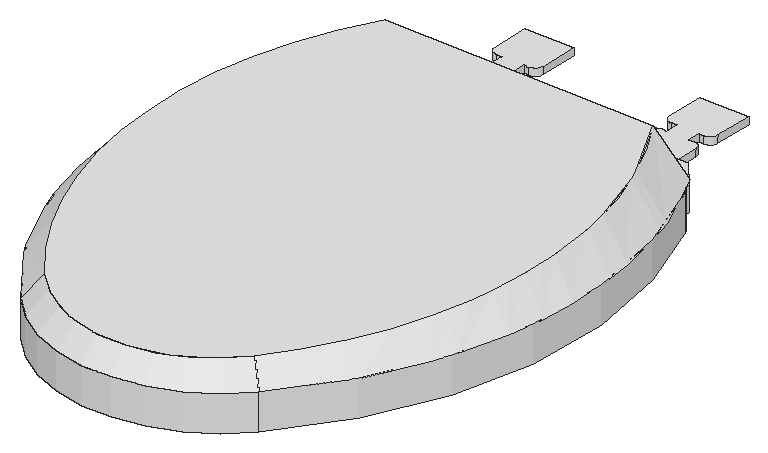
Revit family "Toilet_Seat-Round-American_Standard-Cardiff-5257A65MT_Series", category Specialty Equipment, Revit 2018
Family settings
  Round Connector Dimension = Use Diameter
  Part Type = Normal
  OmniClass Number = 23.45.05.21.14.11
  OmniClass Title = Water Closet Seats
  Work Plane-Based = Yes
  Always vertical = No
  Cut with Voids When Loaded = No
  Shared = Yes
  Room Calculation Point = No
Parameters (values of type "5257A65MT.020")
  Width = 13 7/8"  # constant formula
  URL = "http://www.americanstandard-us.com/"
  Product Page URL = "https://www.americanstandard-us.com/Elongated-Toilet-Seats/Cardiff-Slow-Close-Elongated-Toilet-Seat/WHITE-5257A65MT020"
  Product Documentation Link = "https://americanstandard.box.com/shared/static/r6ub7yqco80faaz9pf3tsbew9xcuo5ui.pdf"
  Model = "5257A65MT.020"
  Material = "Plastic-American Standard-020-White"
  Manufacturer = "American Standard"
  Length = 17 3/8"  # constant formula
  Installation Type = "Surface Mounted"
  Height = 2 1/4"  # constant formula
  Finish = Plastic-American Standard-020-White
  Description = "Cardiff™ Slow-Close Elongated Toilet Seat"
  Default Elevation = 0"
  Creation Date = "08/04/2022"  # constant formula
  Assembly Code = "C1030200"
  760227-100.0070A Top Mounting Kit = no
  760219-100.0070A Bottom Mounting Kit = no
Types (3): name | Product Page URL | Model | Material | Finish
  5257A65MT.020 | "https://www.americanstandard-us.com/Elongated-Toilet-Seats/Cardiff-Slow-Close-Elongated-Toilet-Seat/WHITE-5257A65MT020" | "5257A65MT.020" | "Plastic-American Standard-020-White" | Plastic-American Standard-020-White
  5257A65MT.021 | "https://www.americanstandard-us.com/Elongated-Toilet-Seats/Cardiff-Slow-Close-Elongated-Toilet-Seat/BONE-5257A65MT021" | "5257A65MT.021" | "Plastic-American Standard-021-Bone" | Plastic-American Standard-021-Bone
  5257A65MT.222 | "https://www.americanstandard-us.com/Elongated-Toilet-Seats/Cardiff-Slow-Close-Elongated-Toilet-Seat/LINEN-5257A65MT222" | "5257A65MT.222" | "Plastic-American Standard-222-Linen" | Plastic-American Standard-222-Linen
Reference planes (in)
  plane 1 "Center (Front/Back)": y = 0
  plane 2: z = 0
  plane 3 "Center (Left/Right)": x = 0
  plane 4: z = 2.25
  plane 5: y = -17.375
  plane 6: x = -2.75
  plane 7: x = 2.75
  plane 8: x = -6.9375
  plane 9: x = 6.9375
  plane 10: z = 1.125
Forms (in)
  Extrusion 1, solid, material "Plastic-American Standard-020-White" <- "Finish"
    sketch origin (0, 0, 0) x (1, 0, 0) y (0, 1, 0)
      loop
        arc (-5.65798, -1.33148) -> (-6.89199, -8.8139) -> (-3.75255, -15.71704) r 13.03583
        arc (-3.75255, -15.71704) -> (0, -17.41275) -> (3.75255, -15.71704) r 5
        arc (3.75255, -15.71704) -> (6.89197, -8.81403) -> (5.65809, -1.33171) r 13.03583
        arc (5.65809, -1.33171) -> (5.30946, -0.9473) -> (4.81044, -0.80485) r 0.94531
        line (4.81044, -0.80485) -> (-4.81068, -0.80485)
        arc (-4.81068, -0.80485) -> (-5.30949, -0.94724) -> (-5.65798, -1.33148) r 0.94494
      loop
        arc (-4.0692, -6.11234) -> (-3.71577, -9.64149) -> (-2.24629, -12.86956) r 10.88279
        arc (-2.24629, -12.86956) -> (-1.40428, -14.0385) -> (0, -14.36004) r 2.04076
        arc (0, -14.36004) -> (1.40428, -14.0385) -> (2.24629, -12.86956) r 2.04076
        arc (2.24629, -12.86956) -> (3.71577, -9.64149) -> (4.0692, -6.11234) r 10.88279
        arc (4.0692, -6.11234) -> (2.68576, -3.62908) -> (0, -2.69787) r 3.98827
        arc (0, -2.69787) -> (-2.68576, -3.62908) -> (-4.0692, -6.11234) r 3.98827
    from 0 to 1.125
  Extrusion 2, solid, material "Plastic-American Standard-020-White" <- "Finish"
    sketch origin (0, 0, 0) x (1, 0, 0) y (0, 1, 0)
      loop
        line (-1.9862, 3.82357) -> (-3.5138, 3.82357) -> (-3.5138, 2.64382)
        arc (-3.5138, 2.64382) -> (-3.44057, 2.46704) -> (-3.2638, 2.39382) r 0.25
        line (-3.2638, 2.39382) -> (-3.09518, 2.39382) -> (-3.09518, 2.0019) -> (-3.2638, 2.0019)
        arc (-3.2638, 2.0019) -> (-3.44057, 1.92868) -> (-3.5138, 1.7519) r 0.25
        line (-3.5138, 1.7519) -> (-3.5138, -0.06781)
        arc (-3.5138, -0.06781) -> (-3.01088, -0.78567) -> (-2.16441, -0.55819) r 0.7638
        line (-2.16441, -0.55819) -> (2.16441, -0.55819)
        arc (2.16441, -0.55819) -> (3.01088, -0.78567) -> (3.5138, -0.06781) r 0.7638
        line (3.5138, -0.06781) -> (3.5138, 1.7519)
        arc (3.5138, 1.7519) -> (3.44057, 1.92868) -> (3.2638, 2.0019) r 0.25
        line (3.2638, 2.0019) -> (3.09518, 2.0019) -> (3.09518, 2.39382) -> (3.2638, 2.39382)
        arc (3.2638, 2.39382) -> (3.44057, 2.46704) -> (3.5138, 2.64382) r 0.25
        line (3.5138, 2.64382) -> (3.5138, 3.82357) -> (1.9862, 3.82357) -> (1.9862, 2.64382)
        arc (1.9862, 2.64382) -> (2.05943, 2.46704) -> (2.2362, 2.39382) r 0.25
        line (2.2362, 2.39382) -> (2.40482, 2.39382) -> (2.40482, 2.0019) -> (2.2362, 2.0019)
        arc (2.2362, 2.0019) -> (2.05943, 1.92868) -> (1.9862, 1.7519) r 0.25
        line (1.9862, 1.7519) -> (1.9862, 0.82612)
        arc (1.9862, 0.82612) -> (1.89124, 0.59686) -> (1.66199, 0.5019) r 0.32422
        line (1.66199, 0.5019) -> (-1.66333, 0.5019)
        arc (-1.66333, 0.5019) -> (-1.89164, 0.59647) -> (-1.9862, 0.82478) r 0.32288
        line (-1.9862, 0.82478) -> (-1.9862, 1.7519)
        arc (-1.9862, 1.7519) -> (-2.05943, 1.92868) -> (-2.2362, 2.0019) r 0.25
        line (-2.2362, 2.0019) -> (-2.40482, 2.0019) -> (-2.40482, 2.39382) -> (-2.2362, 2.39382)
        arc (-2.2362, 2.39382) -> (-2.05943, 2.46704) -> (-1.9862, 2.64382) r 0.25
        line (-1.9862, 2.64382) -> (-1.9862, 3.82357)
    from 0 to 0.21613
  Extrusion 3, solid, material "Plastic-American Standard-020-White" <- "Finish"
    sketch origin (0, 0, 0) x (1, 0, 0) y (0, 1, 0)
      loop
        line (-5.13557, -0.86246) -> (-2.75, -0.86246) -> (-2.75, 0.33517) -> (-4.40762, 0.33517) -> (-5.13557, -0.53236) -> (-5.13557, -0.86246)
      loop
        line (5.13557, -0.86246) -> (5.13557, -0.53236) -> (4.40762, 0.33517) -> (2.75, 0.33517) -> (2.75, -0.86246) -> (5.13557, -0.86246)
    from 0 to 0.75642
  Blend 4, solid, material "Plastic-American Standard-020-White" <- "Finish"
    base sketch origin (0, 0, 0) x (1, 0, 0) y (0, 1, 0)
      loop
        line (5.38289, -0.80485) -> (-5.38289, -0.80485)
        arc (-5.38289, -0.80485) -> (-6.92764, -8.51895) -> (-3.75255, -15.71704) r 13.03583
        arc (-3.75255, -15.71704) -> (0, -17.41275) -> (3.75255, -15.71704) r 5
        arc (3.75255, -15.71704) -> (6.92764, -8.51895) -> (5.38289, -0.80485) r 13.03583
    top sketch origin (0, 0, 0) x (1, 0, 0) y (0, 1, 0)
      loop
        line (4.22595, -0.80485) -> (-4.22595, -0.80485)
        arc (-4.22595, -0.80485) -> (-5.96072, -8.13205) -> (-3.00204, -15.05618) r 12.03583
        arc (-3.00204, -15.05618) -> (0, -16.41275) -> (3.00204, -15.05618) r 4
        arc (3.00204, -15.05618) -> (5.96072, -8.13205) -> (4.22595, -0.80485) r 12.03583
    from 1.125 to 2.25
  Extrusion 5, void
    sketch origin (0, 0, 0) x (0, 1, 0) y (0, 0, 1)
      loop
        line (-0.80485, 2.25) -> (-17.375, 2.25) -> (-17.375, 1.75) -> (-0.80485, 2.25)
    from -12.70408 to 12
Cuts and joins
  Extrusion 5 cuts Blend 4
Lines and regions (in)
  Masking region 1
    outline origin (0, 0, 0) x (1, 0, 0) y (0, 1, 0)
      loop
        arc (3.75255, -15.71704) -> (6.92764, -8.51895) -> (5.38289, -0.80485) r 13.03583
        line (5.38289, -0.80485) -> (5.13557, -0.80485) -> (5.13557, -0.53236) -> (4.40762, 0.33517) -> (3.5138, 0.33517) -> (3.5138, 1.7519)
        arc (3.5138, 1.7519) -> (3.44057, 1.92868) -> (3.2638, 2.0019) r 0.25
        line (3.2638, 2.0019) -> (3.09518, 2.0019) -> (3.09518, 2.39382) -> (3.2638, 2.39382)
        arc (3.2638, 2.39382) -> (3.44057, 2.46704) -> (3.5138, 2.64382) r 0.25
        line (3.5138, 2.64382) -> (3.5138, 3.82357) -> (1.9862, 3.82357) -> (1.9862, 2.64382)
        arc (1.9862, 2.64382) -> (2.05943, 2.46704) -> (2.2362, 2.39382) r 0.25
        line (2.2362, 2.39382) -> (2.40482, 2.39382) -> (2.40482, 2.0019) -> (2.2362, 2.0019)
        arc (2.2362, 2.0019) -> (2.05943, 1.92868) -> (1.9862, 1.7519) r 0.25
        line (1.9862, 1.7519) -> (1.9862, 0.82612)
        arc (1.9862, 0.82612) -> (1.89124, 0.59686) -> (1.66199, 0.5019) r 0.32422
        line (1.66199, 0.5019) -> (-1.66333, 0.5019)
        arc (-1.66333, 0.5019) -> (-1.89164, 0.59647) -> (-1.9862, 0.82478) r 0.32288
        line (-1.9862, 0.82478) -> (-1.9862, 1.7519)
        arc (-1.9862, 1.7519) -> (-2.05943, 1.92868) -> (-2.2362, 2.0019) r 0.25
        line (-2.2362, 2.0019) -> (-2.40482, 2.0019) -> (-2.40482, 2.39382) -> (-2.2362, 2.39382)
        arc (-2.2362, 2.39382) -> (-2.05943, 2.46704) -> (-1.9862, 2.64382) r 0.25
        line (-1.9862, 2.64382) -> (-1.9862, 3.82357) -> (-3.5138, 3.82357) -> (-3.5138, 2.64382)
        arc (-3.5138, 2.64382) -> (-3.44057, 2.46704) -> (-3.2638, 2.39382) r 0.25
        line (-3.2638, 2.39382) -> (-3.09518, 2.39382) -> (-3.09518, 2.0019) -> (-3.2638, 2.0019)
        arc (-3.2638, 2.0019) -> (-3.44057, 1.92868) -> (-3.5138, 1.7519) r 0.25
        line (-3.5138, 1.7519) -> (-3.5138, 0.33517) -> (-4.40762, 0.33517) -> (-5.13557, -0.53236) -> (-5.13557, -0.80485) -> (-5.38289, -0.80485)
        arc (-5.38289, -0.80485) -> (-6.92764, -8.51895) -> (-3.75255, -15.71704) r 13.03583
        arc (-3.75255, -15.71704) -> (0, -17.41275) -> (3.75255, -15.71704) r 5
  symbolic lines, detail levels medium+fine
    curve 1: spline (-3.29455, -15.31305, 0) -> (-4.07749, -14.27896, 0) -> (-4.74643, -13.16779, 0) -> (-5.29382, -11.99203, 0) -> (-5.71352, -10.76493, 0) -> (-6.00079, -9.50028, 0) -> (-6.1524, -8.21234, 0) -> (-6.16666, -6.91558, 0) -> (-6.04339, -5.62462, 0) -> (-5.78398, -4.35397, 0) -> (-5.39136, -3.11794, 0) -> (-4.86994, -1.93045, 0) -> (-4.22559, -0.80485, 0)
    curve 2: spline (3.29449, -15.3131, 0) -> (2.85828, -15.7597, 0) -> (2.36209, -16.13862, 0) -> (1.81634, -16.4419, 0) -> (1.23247, -16.6632, 0) -> (0.62275, -16.79786, 0) -> (-0.00004, -16.84306, 0) -> (-0.62283, -16.79785, 0) -> (-1.23256, -16.66318, 0) -> (-1.81642, -16.44188, 0) -> (-2.36216, -16.13858, 0) -> (-2.85835, -15.75965, 0) -> (-3.29455, -15.31305, 0)
    curve 3: spline (4.22562, -0.80485, 0) -> (4.86997, -1.93045, 0) -> (5.39139, -3.11796, 0) -> (5.78401, -4.35399, 0) -> (6.04341, -5.62464, 0) -> (6.16667, -6.91562, 0) -> (6.15241, -8.21238, 0) -> (6.00079, -9.50033, 0) -> (5.71351, -10.76498, 0) -> (5.2938, -11.99209, 0) -> (4.74639, -13.16785, 0) -> (4.07745, -14.27902, 0) -> (3.29449, -15.3131, 0)
    curve 4: line (5.13557, -0.80485, 0) -> (-5.13557, -0.80485, 0)
    curve 6: line (-2.75, 0.33517, 0) -> (-4.40762, 0.33517, 0)
    curve 7: line (2.75, 0.33517, 0) -> (2.75, -0.80485, 0)
    curve 8: line (-2.75, -0.80485, 0) -> (-2.75, 0.33517, 0)
    curve 9: line (4.40762, 0.33517, 0) -> (2.75, 0.33517, 0)
  symbolic lines, detail levels fine
    curve 5: line (-2.16441, -0.55819, 0) -> (2.16441, -0.55819, 0)
    curve 10: arc (-2.54961, -0.80485, 0) -> (-2.33812, -0.71103, 0) -> (-2.16441, -0.55819, 0) r 0.7638
    curve 11: arc (2.16441, -0.55819, 0) -> (2.33812, -0.71103, 0) -> (2.54961, -0.80485, 0) r 0.7638
Dimensions and locks (in)
  "Height": plane 2 to plane 4
  plane 6 to plane 7 = 5 1/2"
  "Width": plane 8 to plane 9
  "Length": plane 1 "Center (Front/Back)" to plane 5
  "Height": plane 4 to level
  aligned and locked: Blend 4 to plane 10
  aligned and locked: Extrusion 1 to Blend 4
Automatic sketch dimensions
  Extrusion 1 sketch curve to plane 3 "Center (Left/Right)" = 0"  (x3)
  Extrusion 1 sketch curve to plane 3 "Center (Left/Right)" = 0.12215"
  Extrusion 1 sketch curve to plane 3 "Center (Left/Right)" = 0.27596"
  plane 1 "Center (Front/Back)" to Extrusion 1 sketch curve = 0.80485"
  Extrusion 1 sketch curve to plane 6 = 2.06068"
  plane 8 to Extrusion 1 sketch curve = 0.90653"
  plane 8 to Extrusion 1 sketch curve = 0.14611"
  plane 3 "Center (Left/Right)" to Extrusion 1 sketch curve = 0.12215"
  plane 3 "Center (Left/Right)" to Extrusion 1 sketch curve = 0.27596"
  Extrusion 1 sketch curve to plane 7 = 2.06044"
  plane 9 to Extrusion 1 sketch curve = 0.90653"
  plane 9 to Extrusion 1 sketch curve = 0.14611"
  Extrusion 1 sketch curve to Extrusion 1 sketch curve = 0.94494"
  Extrusion 1 sketch curve to Extrusion 1 sketch curve = 121/128"
  plane 1 "Center (Front/Back)" to Extrusion 1 sketch curve = 6.68427"
  Extrusion 1 sketch curve to Extrusion 1 sketch curve = 0"  (x4)
  Extrusion 1 sketch curve to Extrusion 1 sketch curve = 5.05678"
  Extrusion 1 sketch curve to Extrusion 1 sketch curve = 5.05716"
  Extrusion 1 sketch curve to Extrusion 1 sketch curve = 0.29526"  (x2)
  plane 5 to Extrusion 1 sketch curve = 5.03698"
  Extrusion 1 sketch curve to Extrusion 1 sketch curve = 0.07472"
  plane 6 to Extrusion 1 sketch curve = 0.50371"
  Extrusion 1 sketch curve to plane 6 = 1.00255"
  Extrusion 1 sketch curve to plane 6 = 1.3192"
  Extrusion 1 sketch curve to Extrusion 1 sketch curve = 1.97033"
  plane 1 "Center (Front/Back)" to Extrusion 1 sketch curve = 2.69787"
  Extrusion 2 sketch curve to plane 6 = 0"
  Extrusion 2 sketch curve to plane 7 = 0"
  Extrusion 2 sketch curve to plane 6 = 0.34518"
  Extrusion 2 sketch curve to Extrusion 2 sketch curve = 0.16861"  (x7)
  plane 1 "Center (Front/Back)" to Extrusion 2 sketch curve = 0.06781"  (x2)
  Extrusion 2 sketch curve to Extrusion 2 sketch curve = 0.7638"
  Extrusion 2 sketch curve to Extrusion 2 sketch curve = 1/4"  (x6)
  plane 6 to Extrusion 2 sketch curve = 0.34518"
  plane 1 "Center (Front/Back)" to Extrusion 2 sketch curve = 0.55819"
  plane 6 to Extrusion 2 sketch curve = 0.7638"
  Extrusion 2 sketch curve to Extrusion 2 sketch curve = 0.32288"
  Extrusion 2 sketch curve to plane 1 "Center (Front/Back)" = 0.5019"
  plane 7 to Extrusion 2 sketch curve = 1.08801"
  plane 7 to Extrusion 2 sketch curve = 0.7638"  (x2)
  plane 7 to Extrusion 2 sketch curve = 0.58559"
  Extrusion 2 sketch curve to plane 7 = 0.34518"
  Extrusion 2 sketch curve to plane 1 "Center (Front/Back)" = 1.7519"
  Extrusion 2 sketch curve to Extrusion 2 sketch curve = 0.92712"
  Extrusion 2 sketch curve to Extrusion 2 sketch curve = 237/256"
  Extrusion 2 sketch curve to Extrusion 2 sketch curve = 0.39191"  (x4)
  Extrusion 2 sketch curve to Extrusion 2 sketch curve = 1.17976"  (x2)
  Extrusion 3 sketch curve to plane 6 = 0"
  Extrusion 3 sketch curve to plane 7 = 0"
  Extrusion 3 sketch curve to plane 1 "Center (Front/Back)" = 0.33517"  (x2)
  Extrusion 3 sketch curve to plane 6 = 1.65762"
  Extrusion 3 sketch curve to Extrusion 3 sketch curve = 0.72795"  (x2)
  Extrusion 3 sketch curve to Extrusion 3 sketch curve = 1.65762"
  plane 1 "Center (Front/Back)" to Extrusion 3 sketch curve = 0.53236"  (x2)
  plane 1 "Center (Front/Back)" to Extrusion 3 sketch curve = 0.86246"
  Extrusion 3 sketch curve to Extrusion 3 sketch curve = 0.3301"
  Blend 4 sketch curve to plane 3 "Center (Left/Right)" = 0"  (x2)
  plane 9 to Blend 4 sketch curve = 0.90653"  (x2)
  plane 5 to Blend 4 sketch curve = 4.96225"
  Blend 4 sketch curve to plane 6 = 1.00255"
  Blend 4 sketch curve to Blend 4 sketch curve = 0"  (x4)
  plane 1 "Center (Front/Back)" to Blend 4 sketch curve = 0.80485"  (x2)
  Blend 4 sketch curve to plane 6 = 2.63289"
  Blend 4 sketch curve to plane 7 = 1.00255"
  plane 8 to Blend 4 sketch curve = 0.90653"  (x2)
  Blend 4 sketch curve to plane 7 = 1.47595"
  Blend 4 sketch curve to plane 6 = 0.25204"
  Blend 4 sketch curve to Blend 4 sketch curve = 5.31055"
  Blend 4 sketch curve to plane 3 "Center (Left/Right)" = 4.22595"
  Extrusion 5 sketch curve to plane 5 = 0"
  plane 4 to Extrusion 5 sketch curve = 0"
  plane 1 "Center (Front/Back)" to Extrusion 5 sketch curve = 0.80485"
  plane 4 to Extrusion 5 sketch curve = 1/2"
  Masking region 1 sketch curve to plane 3 "Center (Left/Right)" = 0"
  plane 1 "Center (Front/Back)" to Masking region 1 sketch curve = 0.80485"
  plane 8 to Masking region 1 sketch curve = 0.90653"
  Masking region 1 sketch curve to plane 7 = 2.63289"
  plane 9 to Masking region 1 sketch curve = 0.90653"
  plane 5 to Masking region 1 sketch curve = 4.96225"
  Masking region 1 sketch curve to plane 6 = 1.00255"
  Masking region 1 sketch curve to Masking region 1 sketch curve = 0"  (x4)
  Masking region 1 sketch curve to Masking region 1 sketch curve = 0.27249"
  Masking region 1 sketch curve to Masking region 1 sketch curve = 0.72795"
  Masking region 1 sketch curve to plane 7 = 0.5138"
  Masking region 1 sketch curve to Masking region 1 sketch curve = 1/4"  (x9)
  Masking region 1 sketch curve to Masking region 1 sketch curve = 1.41673"
  Masking region 1 sketch curve to plane 1 "Center (Front/Back)" = 0.33517"  (x2)
  Masking region 1 sketch curve to Masking region 1 sketch curve = 0.16861"  (x8)
  Masking region 1 sketch curve to Masking region 1 sketch curve = 0.39191"  (x4)
  Masking region 1 sketch curve to Masking region 1 sketch curve = 1.17976"  (x2)
  plane 7 to Masking region 1 sketch curve = 0.7638"
  Masking region 1 sketch curve to plane 1 "Center (Front/Back)" = 0.82612"
  Masking region 1 sketch curve to Masking region 1 sketch curve = 83/256"
  plane 6 to Masking region 1 sketch curve = 1.08667"
  Masking region 1 sketch curve to Masking region 1 sketch curve = 0.32288"
  Masking region 1 sketch curve to Masking region 1 sketch curve = 0.92712"
  Masking region 1 sketch curve to plane 6 = 0.34518"
  Masking region 1 sketch curve to Masking region 1 sketch curve = 0.89382"  (x2)
  plane 1 "Center (Front/Back)" to Masking region 1 sketch curve = 0.53236"
  Masking region 1 sketch curve to Masking region 1 sketch curve = 0.24732"
  Masking region 1 sketch curve to Masking region 1 sketch curve = 6.29735"
  curve 8 to plane 6 = 0"
  curve 10 to plane 6 = 0"
  curve 7 to plane 7 = 0"
  curve 11 to plane 7 = 0"
  plane 6 to curve 5 = 0.58559"
  plane 7 to curve 5 = 0.58559"
  plane 1 "Center (Front/Back)" to curve 5 = 0.55819"
  plane 1 "Center (Front/Back)" to curve 11 = 0.06781"
  plane 1 "Center (Front/Back)" to curve 10 = 0.06781"
  curve 8 to plane 1 "Center (Front/Back)" = 0.33517"
  curve 7 to plane 1 "Center (Front/Back)" = 0.33517"
  curve 2 to plane 6 = 0.54455"
  curve 1 to plane 6 = 1.47559"
  curve 2 to plane 6 = 1.56076"
  curve 6 to curve 1 = 0.18202"
  curve 4 to curve 1 = 0.90997"
  plane 8 to curve 3 = 0.88574"
  curve 1 to curve 3 = 0.12573"  (x2)
  curve 8 to curve 10 = 0.20039"
  curve 2 to plane 3 "Center (Left/Right)" = 0"
  curve 2 to plane 7 = 0.54449"
  curve 7 to curve 3 = 1.47562"
  curve 3 to curve 9 = 0.182"
  curve 3 to curve 4 = 0.90995"
  plane 9 to curve 1 = 0.88573"
  curve 3 to curve 4 = 6 5/8"
  curve 2 to curve 2 = 2.77878"
